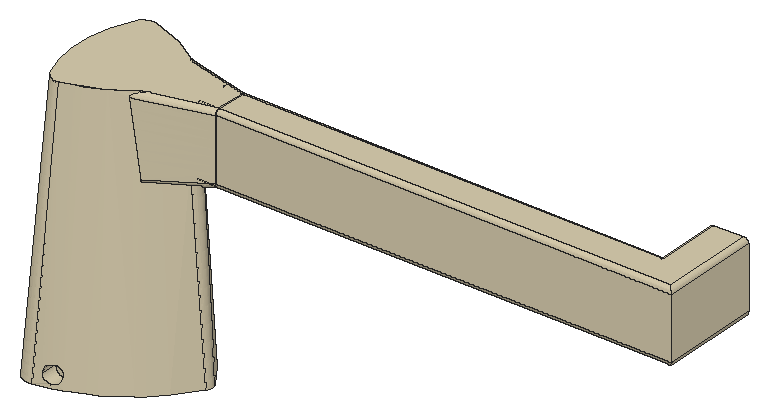
Revit family "FG774500-SUP473283-Polished_Nickel", category Generic Models, host Face, Revit 2013
Parameters (values of type "FG774500-SUP473283-Polished_Nickel")
  Unit = Polished Nickel
  URL = "www.deltafaucet.com"
  Model = "FG774500"  # constant formula
  Manufacturer = "Delta"  # constant formula
  Description = "FG774500-SUP473283-Polished_Nickel"
  Default Elevation = 1524.00 mm
Reference planes
  plane 1 "Center (Front/Back)": y = 0
  plane 2: z = 0
  plane 3 "Center (Left/Right)": x = 0
Dimensions and locks
  aligned and locked: plane 2 to host face
  aligned and locked: level to host face
Nested families
  nested 1: "FG774500-SUP473283" at (0, 0, 0), type "FG77418-SUP413763"
Definition of nested family "FG774500-SUP473283"
  Parameters (values of type "FG77418-SUP413763")
    Unit = none
    URL = "www.deltafaucet.com"
    Model = "FG77418"  # constant formula
    Manufacturer = "Delta"  # constant formula
    Description = "FG77418-SUP413763"
    Default Elevation = 1524.00 mm
  Reference planes
    plane 1 "Center (Front/Back)": y = 0
    plane 2: z = 0
    plane 3 "Center (Left/Right)": x = 0
  Forms (mm)
    Extrusion 1, solid
      sketch origin (0, 0, 0) x (1, 0, 0) y (0, 1, 0)
        loop
          line (-1219.2, 1219.2) -> (-1219.2, -1219.2) -> (1219.2, -1219.2) -> (1219.2, 1219.2) -> (-1219.2, 1219.2)
      from 0 to -304.8
  Dimensions and locks
    aligned and locked: plane 2 to Extrusion 1
    aligned and locked: level to Extrusion 1
    aligned and locked: plane 1 "Center (Front/Back)" to nested 1
    aligned and locked: plane 3 "Center (Left/Right)" to nested 1
    aligned and locked: nested 1 to level
  Nested families
    nested 1: "FG77418" at (0, 0, 0), type "FG77418"
  Definition of nested family "FG77418"
    Parameters (values of type "FG77418")
      Finish = none
    Reference planes
      plane 1 "Center (Front/Back)": y = 0
      plane 2: z = 0
      plane 3 "Center (Left/Right)": x = 0
      plane 4: through (0, 368.198, 229.941) normal (0, -0.7071, 0.7071)
    Forms (mm)
      Blend 1, solid, material <- "Finish"
        base sketch origin (558.8, 0, 0) x (-1, 0, 0) y (0, -1, 0)
          loop
            arc (607.031, -61.197) -> (630.54, -0.043) -> (607.214, 61.181) r 91.653
            arc (607.214, 61.181) -> (601.613, 64.949) -> (594.892, 65.583) r 13.692
            arc (594.892, 65.583) -> (543.197, 45.186) -> (505.178, 4.651) r 126.878
            arc (505.178, 4.651) -> (503.91, 0) -> (505.178, -4.651) r 9.16
            arc (505.178, -4.651) -> (543.133, -45.142) -> (594.738, -65.559) r 126.878
            arc (594.738, -65.559) -> (601.439, -64.938) -> (607.031, -61.197) r 13.672
        top sketch origin (558.8, 0, 0) x (-1, 0, 0) y (0, -1, 0)
          loop
            arc (598.652, -42.544) -> (608.267, 0.015) -> (598.676, 42.58) r 99.124
            arc (598.676, 42.58) -> (593.792, 47.418) -> (586.944, 48.02) r 10.12
            arc (586.944, 48.02) -> (550.237, 32.316) -> (519.57, 6.754) r 137.862
            arc (519.57, 6.754) -> (516.987, 0) -> (519.57, -6.754) r 10.12
            arc (519.57, -6.754) -> (550.204, -32.296) -> (586.868, -48) r 137.862
            arc (586.868, -48) -> (593.745, -47.4) -> (598.652, -42.544) r 10.162
        from 0 to 209.677
      Blend 2, solid, material <- "Finish"
        base sketch origin (558.8, 0, 0) x (0, 1, 0) y (0, 0, -1)
          loop
            arc (35.226, -209.677) -> (39.014, -208.136) -> (40.65, -204.388) r 5.425
            line (40.65, -204.388) -> (42.272, -140.007)
            arc (42.272, -140.007) -> (0, -147.543) -> (-42.272, -140.007) r 122.325
            line (-42.272, -140.007) -> (-40.65, -204.357)
            arc (-40.65, -204.357) -> (-39.005, -208.127) -> (-35.195, -209.677) r 5.457
            line (-35.195, -209.677) -> (35.226, -209.677)
        top sketch origin (558.8, 0, 0) x (0, 1, 0) y (0, 0, -1)
          loop
            arc (15.24, -157.463) -> (14.174, -154.889) -> (11.599, -153.822) r 3.641
            line (11.599, -153.822) -> (-11.569, -153.822)
            arc (-11.569, -153.822) -> (-14.165, -154.898) -> (-15.24, -157.493) r 3.671
            line (-15.24, -157.493) -> (-15.24, -205.997)
            arc (-15.24, -205.997) -> (-14.162, -208.599) -> (-11.56, -209.677) r 3.68
            line (-11.56, -209.677) -> (11.569, -209.677)
            arc (11.569, -209.677) -> (14.165, -208.602) -> (15.24, -206.006) r 3.671
            line (15.24, -206.006) -> (15.24, -157.463)
        from 587.627 to 488.709
      Extrusion 3, void
        sketch origin (558.8, 0, 0) x (-1, 0, 0) y (0, 0, -1)
          loop
            circle (580.663, -9.583) r 6.998
        from 50.945 to 66.282
      Sweep 4, solid, material <- "Finish"
        path origin (0, 0, 0) x (1, 0, 0) y (0, 1, 0)
          loop
            line (55.01, 0) -> (416.96, 0) -> (414.726, 63.968)
        profile origin (235.985, 0, 0) x (0, 1, 0) y (0, 0, 1)
          loop
            line (11.569, 209.677) -> (-11.569, 209.677)
            arc (-11.569, 209.677) -> (-14.165, 208.602) -> (-15.24, 206.006) r 3.671
            line (-15.24, 206.006) -> (-15.24, 157.493)
            arc (-15.24, 157.493) -> (-14.165, 154.898) -> (-11.569, 153.822) r 3.671
            line (-11.569, 153.822) -> (11.573, 153.822)
            arc (11.573, 153.822) -> (14.166, 154.897) -> (15.24, 157.49) r 3.667
            line (15.24, 157.49) -> (15.24, 206.006)
            arc (15.24, 206.006) -> (14.165, 208.602) -> (11.569, 209.677) r 3.671
    Cuts and joins
      Extrusion 3 cuts Blend 1
      joined: Blend 1, Blend 2
